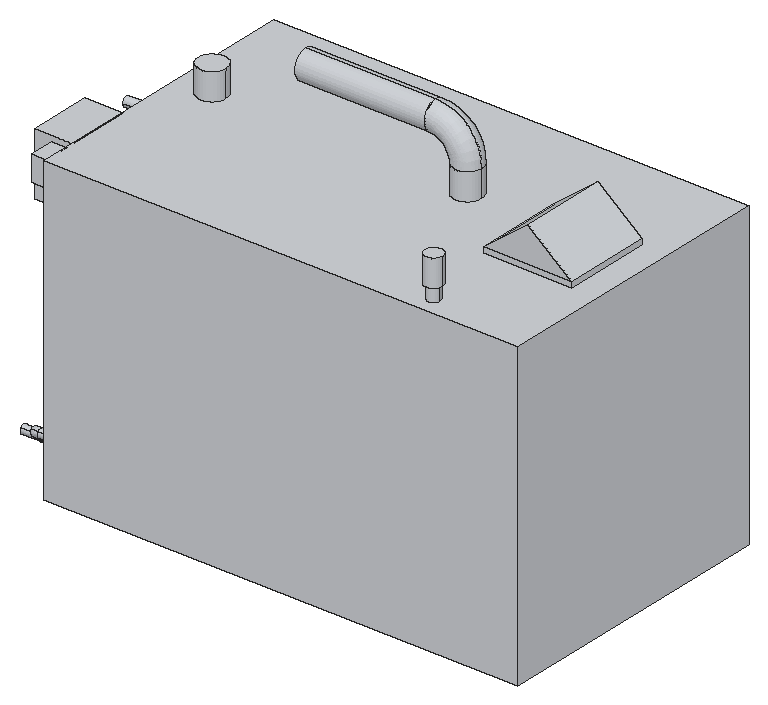
Revit family "AMP_BFIT 2500-3000 Boiler 1", category Mechanical Equipment, Revit 2021
Family settings
  Round Connector Dimension = Use Diameter
  Part Type = Normal
  OmniClass Number = 23.75.00.00
  OmniClass Title = Climate Control (HVAC)
  Work Plane-Based = No
  Always vertical = Yes
  Cut with Voids When Loaded = No
  Shared = No
  Room Calculation Point = No
Parameters (values of type "AMP/BFIT 2500-3000 Boiler")
  Width = 46"
  Length = 75 5/8"
  Height = 48 3/8"
  Voltage = ""
  Vent = "10\" EZ Vent"
  Manufacturer = "Bryan Steam"  # constant formula
  Hydronic Supply = "4\" Victaulic"
  Hydronic Return = "4\" Victaulic"
  Gas Train = "1-1/2\" NPT"
  Default Elevation = 0"
  Condensate Trap = "1\" Pipe"
  Boiler Drain = "3/4\" NPT"
  Air Supply = "10\""
Reference planes (in)
  plane 1 "Center (Front/Back)": y = 0
  plane 2: z = 0
  plane 3 "Center (Left/Right)": x = 0
  plane 4 "Vent": y = 3.809
  plane 5 "Condensate Trap": y = -18
  plane 6 "Supply 4" Victualic Elbow Style 10": x = 8.415
  plane 7 "3" Supply Manifold": z = 57.75
  plane 8 "3" Supply Elbow Victaulic Style 10": y = 3.809
  plane 9 "Condensate Height": z = 5.75
  plane 10 "Condensate Angle": through (0, -18, 5.75) normal (0, -0.6203, -0.7843)
Forms (in)
  Extrusion 1, solid
    sketch origin (0, 0, 0) x (1, 0, 0) y (0, 1, 0)
      loop
        line (-37.8125, 23) -> (-37.8125, -23) -> (37.8125, -23) -> (37.8125, 23) -> (-37.8125, 23)
    from 0 to 48.375
  Extrusion 2, solid
    sketch origin (0, 0, 48.375) x (1, 0, 0) y (0, 1, 0)
      loop
        line (19.5915, 7) -> (19.5915, -7) -> (33.6875, -7) -> (33.6875, 7) -> (19.5915, 7)
    from 0 to 0.85156
  Extrusion 3, solid
    sketch origin (33.6875, -7, 48.375) x (-1, 0, 0) y (0, 0, -1)
      loop
        line (14.096, -0.85156) -> (0, -0.85156) -> (7.048, -6.57727) -> (14.096, -0.85156)
    from 0 to -14
  Extrusion 4, solid
    sketch origin (0, 0, 48.375) x (1, 0, 0) y (0, 1, 0)
      loop
        circle (-32.3125, 3.75) r 2.25
      loop
        circle (8.4155, 3.75) r 2.25
    from 0 to 4.25
  Extrusion 5, solid
    sketch origin (-37.8125, -23, 0) x (0, 1, 0) y (0, 0, -1)
      loop
        circle (38.875, -11.125) r 4.866
      loop
        circle (38.875, -11.125) r 4.719
    from 0 to 6.375
  Extrusion 6, solid
    sketch origin (-37.8125, -23, 0) x (0, 1, 0) y (0, 0, -1)
      loop
        line (4.72, -48.187) -> (4.72, -44.187) -> (0.72, -44.187) -> (0.72, -48.187) -> (4.72, -48.187)
    from 0 to 2.48047
  Revolve 7, solid
    sketch origin (0, 3.75, 0) x (-1, 0, 0) y (0, 0, 1)
      loop
        line (45.9375, 30.188) -> (45.67425, 35.21111) -> (35.68795, 34.68775) -> (35.9512, 29.66464) -> (45.9375, 30.188)
      axis (35.9512, 29.66464) -> (45.9375, 30.188)
    angle from 0 to 360
  Extrusion 8, solid
    sketch origin (-37.8125, -23, 0) x (0, 1, 0) y (0, 0, -1)
      loop
        circle (26.75, -42.375) r 0.525
      loop
        circle (26.75, -42.375) r 0.412
    from 0 to 5.75
  Sweep 9, solid
    path origin (0, 3.809, 0) x (-1, 0, 0) y (0, 0, 1)
      loop
        arc (-8.4155, 52.56913) -> (-6.91442, 56.19305) -> (-3.2905, 57.69413) r 5.125
        line (-3.2905, 57.69413) -> (17.4375, 57.69413)
    profile origin (6.91442, 3.809, 56.19305) x (0.707107, 0, 0.707107) y (0, 1, 0)
      loop
        circle (0, 0) r 2.25
  Extrusion 10, solid
    sketch origin (-37.8125, -23, 0) x (0, 1, 0) y (0, 0, -1)
      loop
        line (15.875, -48.3125) -> (15.875, -38.3125) -> (5.875, -38.3125) -> (5.875, -48.3125) -> (15.875, -48.3125)
    from 0 to 6.125
  Extrusion 11, solid
    sketch origin (0, 0, 48.375) x (1, 0, 0) y (0, 1, 0)
      loop
        circle (21.9375, -19.875) r 0.95
    from 0 to 2.25
  Extrusion 12, solid
    sketch origin (0, 0, 50.625) x (1, 0, 0) y (0, 1, 0)
      loop
        circle (21.9375, -19.875) r 1.375
    from 0 to 4.25
  Extrusion 13, solid
    sketch origin (-43.5625, -23, 0) x (0, 1, 0) y (0, 0, -1)
      loop
        circle (26.75, -42.375) r 0.75
    from 0 to 2.375
  Sweep 14, solid
    path origin (0, -11.56115, 0.6576) x (0, -0.784343, 0.620327) y (-1, 0, 0)
      loop
        line (8.20758, 37.8125) -> (8.20758, 42.25)
        arc (8.20758, 42.25) -> (7.76824, 43.31066) -> (6.70758, 43.75) r 1.5
        line (6.70758, 43.75) -> (3.83258, 43.75)
        arc (3.83258, 43.75) -> (2.77192, 44.18934) -> (2.33258, 45.25) r 1.5
        line (2.33258, 45.25) -> (2.33258, 48.6875)
    profile origin (-40.03125, -17.99872, 5.74899) x (0, 0.784343, -0.620327) y (0, -0.620327, -0.784343)
      loop
        circle (0, 0) r 0.6575
  Extrusion 15, solid
    sketch origin (-37.8125, -23, 0) x (0, 1, 0) y (0, 0, -1)
      loop
        line (44.6875, -16.9375) -> (44.6875, -5.3125) -> (33.0625, -5.3125) -> (33.0625, -16.9375) -> (44.6875, -16.9375)
    from 0 to 4.75
Lines and regions (in)
  model lines
    curve 1: circle (8.42114, 3.82669, 52.625) r 2 normal (0, 0, 1)
Dimensions and locks (in)
  "Height": Extrusion 1 to level
  equal spacing: Extrusion 1 sketch curve, plane 3 "Center (Left/Right)", Extrusion 1 sketch curve
  "Length": Extrusion 1 sketch curve to Extrusion 1 sketch curve
  equal spacing: Extrusion 1 sketch curve, plane 1 "Center (Front/Back)", Extrusion 1 sketch curve
  "Width": Extrusion 1 sketch curve to Extrusion 1 sketch curve
  locked: Extrusion 2 sketch curve to Extrusion 1 at 4.125
  locked: Extrusion 2 sketch curve to Extrusion 2 sketch curve at 14.096
  locked: Extrusion 2 sketch curve to Extrusion 2 sketch curve at 14
  locked: Extrusion 2 sketch curve to Extrusion 1 at 16
  locked: Extrusion 1 to Extrusion 4 sketch curve at 19.25  (x2)
  locked: Extrusion 1 to Extrusion 5 sketch curve at 11.125
  locked: Extrusion 1 to Extrusion 5 sketch curve at 7.125
  level to plane 7 "3" Supply Manifold" = 57 3/4"
  locked: plane 3 "Center (Left/Right)" to plane 6 "Supply 4" Victualic Elbow Style 10" at 8.415
  locked: plane 8 "3" Supply Elbow Victaulic Style 10" to plane 1 "Center (Front/Back)" at 3.809
  locked: plane 4 "Vent" to plane 1 "Center (Front/Back)" at 3.809
  locked: plane 5 "Condensate Trap" to plane 1 "Center (Front/Back)" at 18
  locked: Extrusion 6 sketch curve to Extrusion 6 sketch curve at 4  (x2)
  Extrusion 5 sketch curve to Extrusion 5 sketch curve = 0"  (x2)
  locked: Revolve 7 sketch curve to Revolve 7 sketch curve at 5.03
  Extrusion 1 to Extrusion 8 sketch curve = 42 3/8"
  equal spacing: Extrusion 1, Extrusion 8 sketch curve, Extrusion 8 sketch curve  (x2)
  locked: Extrusion 1 to Extrusion 8 sketch curve at 19.25
  locked: Extrusion 1 to Extrusion 4 sketch curve at 5.5
  locked: Extrusion 4 sketch curve to Extrusion 1 at 29.397
  locked: Extrusion 1 to Sweep 9 sketch curve at 20.375
  locked: Extrusion 1 to Sweep 9 sketch curve at 9.31913
  locked: Extrusion 10 sketch curve to Extrusion 10 sketch curve at 10  (x2)
  locked: Extrusion 10 sketch curve to Extrusion 1 at 5.875
  locked: Extrusion 10 sketch curve to Extrusion 1 at 0.0625
  locked: Extrusion 1 to Extrusion 11 sketch curve at 3.125
  locked: Extrusion 11 sketch curve to Extrusion 1 at 15.875
  locked: Extrusion 1 to Extrusion 12 sketch curve at 3.125
  locked: Extrusion 12 sketch curve to Extrusion 1 at 15.875
  locked: Extrusion 1 to Extrusion 13 sketch curve at 6
  locked: Extrusion 1 to Extrusion 13 sketch curve at 19.25
  locked: plane 9 "Condensate Height" to level at 5.75
  locked: Sweep 14 sketch curve to Extrusion 1 at 5.9375
  locked: Sweep 14 sketch curve to Extrusion 1 at 10.875
  locked: Sweep 14 sketch curve to Sweep 14 sketch curve at 5.875
  locked: Extrusion 15 sketch curve to Extrusion 15 sketch curve at 11.625  (x2)
  locked: Extrusion 1 to Extrusion 15 sketch curve at 1.3125
  locked: Extrusion 15 sketch curve to Extrusion 1 at 5.3125
  diameter of Extrusion 11 sketch curve = 1.9"
  diameter of Extrusion 12 sketch curve = 2 3/4"
  diameter of Extrusion 13 sketch curve = 1 1/2"
  diameter of Sweep 14 sketch curve = 1.315"
  locked: plane 9 "Condensate Height" to plane 10 "Condensate Angle" (angle 38.34°)
  aligned and locked: level to plane 2
Automatic sketch dimensions
  Extrusion 3 sketch curve to Extrusion 2 = 0"  (x3)
  Extrusion 3 sketch curve to Extrusion 2 = 7.048"
  Extrusion 3 sketch curve to Extrusion 2 = 5.72571"
  Extrusion 5 sketch curve to Extrusion 5 sketch curve = 0"  (x2)
  Revolve 7 sketch curve to Revolve 7 sketch curve = 5.32404"
  Revolve 7 sketch curve to Revolve 7 sketch curve = 0"  (x2)
  Extrusion 1 to Extrusion 6 sketch curve = 0.188"
  Extrusion 6 sketch curve to Extrusion 1 = 0.72"
  Revolve 7 sketch curve to plane 3 "Center (Left/Right)" = 35.68795"
  Revolve 7 sketch curve to plane 7 "3" Supply Manifold" = 28.08536"
  Revolve 7 sketch curve to Revolve 7 sketch curve = 0.26325"
  Revolve 7 sketch curve to plane 7 "3" Supply Manifold" = 22.53889"
  Extrusion 8 sketch curve to Extrusion 8 sketch curve = 0"  (x2)
  Sweep 9 sketch curve to plane 8 "3" Supply Elbow Victaulic Style 10" = 0"
  Sweep 9 sketch curve to profile plane = 0"
  plane 3 "Center (Left/Right)" to Sweep 9 sketch curve = 3.2905"
  Sweep 9 sketch curve to Sweep 9 sketch curve = 5 1/8"
  Sweep 14 sketch curve to plane 3 "Center (Left/Right)" = 45 1/4"
  Sweep 14 sketch curve to Sweep 14 sketch curve = 2 7/8"
  Sweep 14 sketch curve to Sweep 14 sketch curve = 4 7/16"
  plane 10 "Condensate Angle" to Sweep 14 sketch curve = 0"
  Sweep 14 sketch curve to profile plane = 0"
  radius of Extrusion 5 sketch curve = 4.866"
  radius of Extrusion 5 sketch curve = 4.719"
  radius of Extrusion 8 sketch curve = 0.412"
  radius of Extrusion 8 sketch curve = 0.525"
  radius of Extrusion 4 sketch curve = 2 1/4"  (x2)
  radius of curve 1 = 2"
  radius of Sweep 9 sketch curve = 2 1/4"
Connectors (in)
  piping at (-32.3125, 3.75, 52.625), diameter 4
    settings: on Extrusion 4, index 2, connector inside diameter 24", connector length 0", flow factor 0, pipe flow 0 GPM, pressure drop 0.00 psi, fitting loss kfactor 0, connector angle 0.00°, fixture units 0, engagement length 0", angle of deflection 0.00°, flow configuration 0, flow direction 1, fitting loss method 0, system type 8, joint type 0, gender type 0, connector reference index -1, connector utility 0, adjustable connector no, is connector primary yes, connector description ""
  piping at (-44.1875, 15.875, 11.125), diameter 10
    settings: on Extrusion 5, index 4, connector inside diameter 24", connector length 0", flow factor 0, pipe flow 0 GPM, pressure drop 0.00 psi, fitting loss kfactor 0, connector angle 0.00°, fixture units 0, engagement length 0", angle of deflection 0.00°, flow configuration 0, flow direction 1, fitting loss method 0, system type 22, joint type 0, gender type 0, connector reference index -1, connector utility 0, adjustable connector no, is connector primary no, connector description ""
  piping at (-17.4375, 3.809, 57.69413), diameter 4
    settings: on Sweep 9, index 7, connector inside diameter 24", connector length 0", flow factor 0, pipe flow 0 GPM, pressure drop 0.00 psi, fitting loss kfactor 0, connector angle 0.00°, fixture units 0, engagement length 0", angle of deflection 0.00°, flow configuration 0, flow direction 2, fitting loss method 0, system type 7, joint type 0, gender type 0, connector reference index -1, connector utility 0, adjustable connector no, is connector primary no, connector description ""
  piping at (-45.9375, 3.75, 30.188), diameter 10
    settings: on Revolve 7, index 9, connector inside diameter 24", connector length 0", flow factor 0, pipe flow 0 GPM, pressure drop 0.00 psi, fitting loss kfactor 0, connector angle 0.00°, fixture units 0, engagement length 0", angle of deflection 0.00°, flow configuration 0, flow direction 2, fitting loss method 0, system type 17, joint type 0, gender type 0, connector reference index -1, connector utility 0, adjustable connector no, is connector primary no, connector description ""
  piping at (21.9375, -19.875, 54.875), diameter 1.5
    settings: on Extrusion 12, index 10, connector inside diameter 24", connector length 0", flow factor 0, pipe flow 0 GPM, pressure drop 0.00 psi, fitting loss kfactor 0, connector angle 0.00°, fixture units 0, engagement length 0", angle of deflection 0.00°, flow configuration 0, flow direction 1, fitting loss method 0, system type 22, joint type 0, gender type 0, connector reference index -1, connector utility 0, adjustable connector no, is connector primary no, connector description ""
  piping at (-45.9375, 3.75, 42.375), diameter 0.75
    settings: on Extrusion 13, index 11, connector inside diameter 24", connector length 0", flow factor 0, pipe flow 0 GPM, pressure drop 0.00 psi, fitting loss kfactor 0, connector angle 0.00°, fixture units 0, engagement length 0", angle of deflection 0.00°, flow configuration 0, flow direction 2, fitting loss method 0, system type 22, joint type 0, gender type 0, connector reference index -1, connector utility 0, adjustable connector no, is connector primary no, connector description ""
  piping at (-48.6875, -13.3907, 2.10457), diameter 1
    settings: on Sweep 14, index 12, connector inside diameter 24", connector length 0", flow factor 0, pipe flow 0 GPM, pressure drop 0.00 psi, fitting loss kfactor 0, connector angle 0.00°, fixture units 0, engagement length 0", angle of deflection 0.00°, flow configuration 0, flow direction 2, fitting loss method 0, system type 22, joint type 0, gender type 0, connector reference index -1, connector utility 0, adjustable connector no, is connector primary no, connector description ""
